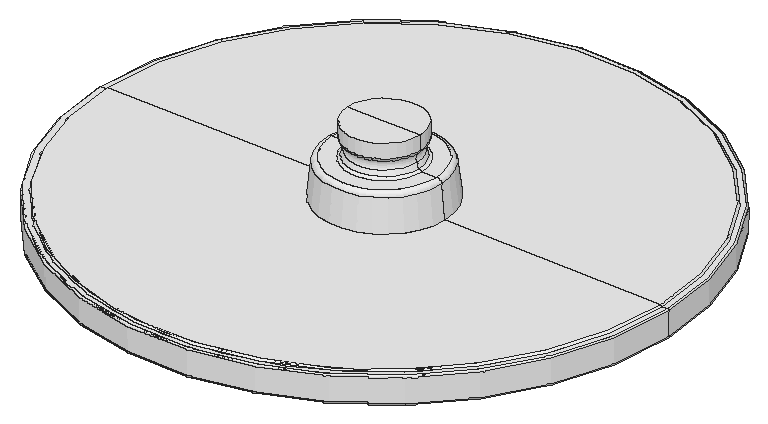
Revit family "Shower_Head-Grohe-Rainshower_Cosmopolitan_210-27814_Series", category Plumbing Fixtures, Revit 2014
Parameters (values of type "27814000")
  cUPC Compliant = yes
  Width = 8 1/4"  # constant formula
  Waste Connection = no
  Warranty Documentation Link = "https://cdn.cloud.grohe.com/tpi/1000/1900/1940/1949/1949006/original/1949006.pdf"
  WFU = 4
  Vent Connection = no
  URL = "https://www.grohe.us/"
  Tempered Connection Radius = Tempered Connection Diameter / 2  # 1/4"
  Tempered Connection Diameter = Hot Water Connection Diameter  # 1/2"
  Product Page URL = "https://www.grohe.us/en_us/rainshower-cosmopolitan-210-shower-head-1-spray-27814000.html"
  Price = "Prices may vary. Please consult Manufacturer Representative for most up-to-date price list."  # constant formula
  Model = "27814000"
  Material = "Metal-Grohe-000-Chrome"
  Manufacturer = "Grohe"
  Hot Water Connection Radius = Hot Water Connection Diameter / 2  # 1/4"
  Hot Water Connection Diameter = Cold Water Connection Diameter  # 1/2"
  Height = 1 5/8"  # constant formula
  HWFU = 3
  HW Connection = yes
  Flow Rate = "2.0 gpm (7.6 L/min)"
  Finish = Metal-Grohe-000-Chrome
  Description = "Rainshower Cosmopolitan 210"  # constant formula
  Default Elevation = 0"
  Creation Date = "04/21/2017"  # constant formula
  Cold Water Connection Radius = Cold Water Connection Diameter / 2  # 1/4"
  Cold Water Connection Diameter = 1/2"  # constant formula
  CWFU = 3
  CW Connection = yes
  Assembly Code = "D2010710"
Types (3): name | Product Page URL | Model | Material | Finish
  (no name) | "https://www.grohe.us/en_us/rainshower-cosmopolitan-210-shower-head-1-spray-27814000.html" | "27814000" | "Metal-Grohe-000-Chrome" | Metal-Grohe-000-Chrome
  27814EN0 | "https://www.grohe.us/en_us/rainshower-cosmopolitan-210-shower-head-1-spray-27814EN0.html" | "27814EN0" | "Metal-Grohe-EN0-Brushed Nickel" | Metal-Grohe-EN0-Brushed Nickel
  27814000 | "https://www.grohe.us/en_us/rainshower-cosmopolitan-210-shower-head-1-spray-27814000.html" | "27814000" | "Metal-Grohe-000-Chrome" | Metal-Grohe-000-Chrome
Reference planes (in)
  plane 1 "Center (Front/Back)": y = 0
  plane 2: z = 0
  plane 3 "Center (Left/Right)": x = 0
  plane 4: x = -6.10156
  plane 5: x = 6.10156
  plane 6: x = -4.125
  plane 7: x = 4.125
  plane 8: z = -1.625
Forms (in)
  Revolve 1, solid, material "Metal-Grohe-000-Chrome" <- "Finish"
    sketch origin (0, 0, 0) x (1, 0, 0) y (0, 0, 1)
      loop
        line (0, 0) -> (-0.52362, 0) -> (-0.52362, -0.20081)
        arc (-0.52362, -0.20081) -> (-0.51928, -0.21847) -> (-0.50724, -0.23209) r 0.03804
        arc (-0.50724, -0.23209) -> (-0.46229, -0.29578) -> (-0.46898, -0.37345) r 0.11358
        line (-0.46898, -0.37345) -> (-0.501, -0.44211)
        arc (-0.501, -0.44211) -> (-0.51787, -0.46135) -> (-0.54243, -0.4685) r 0.04571
        line (-0.54243, -0.4685) -> (-0.7594, -0.4685)
        arc (-0.7594, -0.4685) -> (-0.80709, -0.48663) -> (-0.83069, -0.53186) r 0.07178
        line (-0.83069, -0.53186) -> (-0.88336, -0.97771) -> (-4.00361, -0.97771) -> (-4.02737, -1.00148) -> (-4.10496, -1.00148)
        arc (-4.10496, -1.00148) -> (-4.11911, -1.0074) -> (-4.12481, -1.02164) r 0.01986
        line (-4.12481, -1.02164) -> (-4.11955, -1.35881)
        arc (-4.11955, -1.35881) -> (-4.11326, -1.37351) -> (-4.09846, -1.37958) r 0.02109
        line (-4.09846, -1.37958) -> (-3.56276, -1.37958) -> (-3.55303, -1.56521)
        arc (-3.55303, -1.56521) -> (-3.53345, -1.60767) -> (-3.49002, -1.625) r 0.06309
        line (-3.49002, -1.625) -> (0, -1.625) -> (0, 0)
      axis (0, 0) -> (0, -1.625)
    angle from 0 to 360
Lines and regions (in)
  Masking region 1
    outline origin (0, 0, 0) x (1, 0, 0) y (0, 1, 0)
      loop
        circle (0, 0) r 4.125
  symbolic lines, detail levels medium+fine
    curve 1: circle (0, 0, 0) r 0.51331 normal (0, 0, 1)
  symbolic lines, detail levels fine
    curve 2: circle (0, 0, 0) r 0.70866 normal (0, 0, 1)
    curve 3: circle (0, 0, 0) r 4.02737 normal (0, 0, 1)
    curve 4: circle (0, 0, 0) r 4 normal (0, 0, 1)
Dimensions and locks (in)
  "Height": level to plane 8
  equal spacing: plane 7, plane 3 "Center (Left/Right)", plane 6
  "Width": plane 7 to plane 6
Automatic sketch dimensions
  Revolve 1 sketch curve to plane 8 = 0"
  Revolve 1 sketch curve to level = 0"
  Revolve 1 sketch curve to plane 3 "Center (Left/Right)" = 0"  (x2)
  Revolve 1 sketch curve to plane 3 "Center (Left/Right)" = 0.46898"
  Revolve 1 sketch curve to Revolve 1 sketch curve = 0.01659"
  Revolve 1 sketch curve to Revolve 1 sketch curve = 0.03202"
  Revolve 1 sketch curve to Revolve 1 sketch curve = 0.03804"
  Revolve 1 sketch curve to Revolve 1 sketch curve = 0.04143"
  Revolve 1 sketch curve to Revolve 1 sketch curve = 0.02949"
  Revolve 1 sketch curve to Revolve 1 sketch curve = 0.21697"
  Revolve 1 sketch curve to level = 0.53186"
  Revolve 1 sketch curve to Revolve 1 sketch curve = 0.07128"
  Revolve 1 sketch curve to Revolve 1 sketch curve = 0.05267"
  plane 6 to Revolve 1 sketch curve = 0.63498"
  plane 8 to Revolve 1 sketch curve = 0.05979"
  Revolve 1 sketch curve to Revolve 1 sketch curve = 0.063"
  Revolve 1 sketch curve to Revolve 1 sketch curve = 0.00973"
  plane 6 to Revolve 1 sketch curve = 0.12139"
  Revolve 1 sketch curve to Revolve 1 sketch curve = 0.02376"
  plane 6 to Revolve 1 sketch curve = 0.02654"
  plane 6 to Revolve 1 sketch curve = 0.02004"
  plane 6 to Revolve 1 sketch curve = 0.00545"
  plane 6 to Revolve 1 sketch curve = 0.00019"
  Revolve 1 sketch curve to Revolve 1 sketch curve = 0.18564"
  Revolve 1 sketch curve to Revolve 1 sketch curve = 0.02076"
  Revolve 1 sketch curve to Revolve 1 sketch curve = 0.33717"
  Revolve 1 sketch curve to Revolve 1 sketch curve = 0.00031"
  Revolve 1 sketch curve to Revolve 1 sketch curve = 0.44585"
  Revolve 1 sketch curve to Revolve 1 sketch curve = 0.00842"
  Revolve 1 sketch curve to Revolve 1 sketch curve = 0.02639"
  Revolve 1 sketch curve to Revolve 1 sketch curve = 0.06866"
  Revolve 1 sketch curve to Revolve 1 sketch curve = 0.09734"
  Revolve 1 sketch curve to Revolve 1 sketch curve = 0.12464"
  Revolve 1 sketch curve to Revolve 1 sketch curve = 1 1/4"
  Revolve 1 sketch curve to Revolve 1 sketch curve = 1"
  curve 1 to curve 2 = 0"  (x2)
  curve 1 to curve 3 = 0"  (x2)
  curve 1 to curve 4 = 0"  (x2)
  curve 2 to curve 3 = 0"  (x2)
  curve 2 to curve 4 = 0"  (x2)
  curve 3 to curve 4 = 0"  (x2)
  plane 1 "Center (Front/Back)" to curve 2 = 0"
  curve 2 to plane 3 "Center (Left/Right)" = 0"
  plane 1 "Center (Front/Back)" to Masking region 1 sketch curve = 0"
  Masking region 1 sketch curve to plane 3 "Center (Left/Right)" = 0"
  radius of curve 1 = 0.51331"
  radius of curve 2 = 0.70866"
  radius of curve 3 = 4.02737"
  radius of curve 4 = 4"
  radius of Masking region 1 sketch curve = 4 1/8"
Connectors (in)
  piping at (0, 0, 0), diameter 0.5, driven by "Tempered Connection Diameter"
    settings: on Revolve 1, index 1, connector inside diameter 24", connector length 0", flow factor 0, pipe flow 0 GPM, pressure drop 0.00 psi, fitting loss kfactor 0, connector angle 0.00°, fixture units 0, engagement length 0", angle of deflection 0.00°, flow configuration 0, flow direction 1, fitting loss method 0, system type 29, joint type 0, gender type 0, connector reference index -1, connector utility 0, adjustable connector no, is connector primary yes, connector description "1/2\" NPT Supply Inlet"
